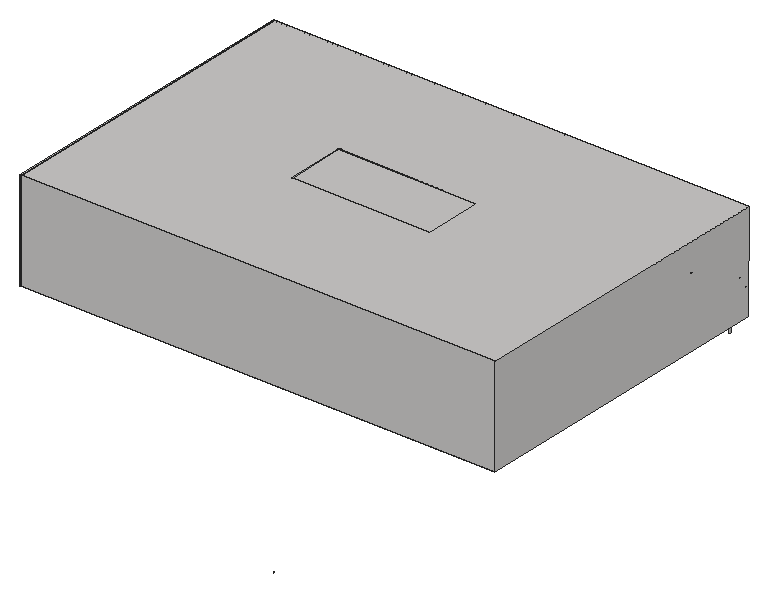
Revit family "QF_ELECTROLUXPROFESSIONAL_640281_VAP1624", category Specialty Equipment, Revit 2014
Reference planes
  plane 1: z = 0
  plane 2 "Center (Left/Right)": x = 150
  plane 3 "LEFT": x = -1050
  plane 4 "RIGHT": x = 1350
  plane 5 "BACK": y = 550
  plane 6 "TOP": z = 2500
  plane 7 "Base": z = 2000
  plane 8: z = 1970
  plane 9 "DrainY": y = 450
  plane 10: x = -1047
  plane 11 "DrainX": x = 1337
  plane 12 "AOLeft2": x = 500
  plane 13: x = 1347
  plane 14: x = -850
  plane 15: x = 1150
  plane 16: x = 50
  plane 17: x = 250
  plane 18 "Center (Front/Back)": y = -250
  plane 19 "Front": y = -1050
  plane 20 "AOLeft1": x = -200
  plane 21: through (0, 550, 2133.855) normal (0, 0.5299, 0.848)
  plane 22: through (0, -1050, 2133.855) normal (0, 0.5299, -0.848)
  plane 23: y = -100
  plane 24: y = -400
Forms (mm)
  Extrusion 1, solid, material "QF_Finishes_Stainless Steel"
    sketch origin (-1050, 0, 360) x (0, 1, 0) y (0, 0, 1)
      loop
        line (550, 1640) -> (550, 2140) -> (-1050, 2140) -> (-1050, 1640) -> (550, 1640)
    from 0 to 3
  Extrusion 2, solid, material "QF_Finishes_Stainless Steel"
    sketch origin (1350, 0, 360) x (0, 1, 0) y (0, 0, 1)
      loop
        line (550, 1640) -> (550, 2140) -> (-1050, 2140) -> (-1050, 1640) -> (550, 1640)
    from 0 to -3
  Extrusion 3, solid, material "QF_Finishes_Stainless Steel"
    sketch origin (150, 0, 360) x (0, 1, 0) y (0, 0, 1)
      loop
        line (-1050, 2140) -> (-1050, 1640) -> (-1040, 1640) -> (-1040, 1640.8) -> (-1049.2, 1640.8) -> (-1049.2, 2139.19) -> (549.2, 2139.19) -> (549.2, 1640.8) -> (540, 1640.8) -> (540, 1640) -> (550, 1640) -> (550, 2140) -> (-1050, 2140)
    from -1200 to 1200
  Extrusion 4, solid, material "QF_Finishes_Stainless Steel"
    sketch origin (0, 0, 2000) x (0, 1, 0) y (-1, 0, 0)
      loop
        circle (450, -1337) r 4.763
    from -30 to 0
  Extrusion 5, void
    sketch origin (0, 400, 2500) x (0, 1, 0) y (-1, 0, 0)
      loop
        line (-500, -500) -> (-500, 200) -> (-800, 200) -> (-800, -500) -> (-500, -500)
    from 0 to -10
  Extrusion 6, solid, material "QF_Finishes_Stainless Steel"
    sketch origin (0, 0, 0) x (1, 0, 0) y (0, 1, 0)
      loop
        line (-1050, 550) -> (-1050, 549) -> (-1049, 549) -> (-1049, 550) -> (-1050, 550)
    from 0 to 1
  Extrusion 7, solid, material "QF_Finishes_Stainless Steel"
    sketch origin (150, 0, 360) x (0, 1, 0) y (0, 0, 1)
      loop
        line (503.5, 1837.574) -> (207.375, 2022.621) -> (192.198, 1998.364) -> (488.366, 1813.348) -> (503.5, 1837.574)
      loop
        line (-1003.5, 1837.574) -> (-988.366, 1813.348) -> (-692.198, 1998.364) -> (-707.375, 2022.621) -> (-1003.5, 1837.574)
    from -1000 to -1197
  Extrusion 8, solid, material "QF_Finishes_Stainless Steel"
    sketch origin (150, 0, 360) x (0, 1, 0) y (0, 0, 1)
      loop
        line (549.2, 1775.312) -> (472.742, 1823.075) -> (472.313, 1822.387) -> (549.2, 1774.355) -> (549.2, 1775.312)
      loop
        line (202.48, 1991.938) -> (126.212, 2039.602) -> (-626.212, 2039.602) -> (-702.48, 1991.938) -> (-702.062, 1991.27) -> (-626, 2038.801) -> (126, 2038.801) -> (202.063, 1991.27) -> (202.48, 1991.938)
      loop
        line (-1049.2, 1775.312) -> (-1049.2, 1774.355) -> (-972.312, 1822.387) -> (-972.742, 1823.075) -> (-1049.2, 1775.312)
    from -1197 to 1197
  Extrusion 9, solid, material "QF_Finishes_Stainless Steel"
    sketch origin (150, 0, 360) x (0, 1, 0) y (0, 0, 1)
      loop
        line (-707.375, 2022.621) -> (-1003.5, 1837.574) -> (-988.366, 1813.348) -> (-692.198, 1998.364) -> (-707.375, 2022.621)
      loop
        line (503.5, 1837.574) -> (207.375, 2022.621) -> (192.198, 1998.364) -> (488.366, 1813.348) -> (503.5, 1837.574)
    from 1197 to 1000
  Extrusion 10, solid, material "QF_Finishes_Stainless Steel"
    sketch origin (150, 0, 360) x (0, 1, 0) y (0, 0, 1)
      loop
        line (-707.375, 2022.621) -> (-1003.5, 1837.574) -> (-988.366, 1813.348) -> (-692.198, 1998.364) -> (-707.375, 2022.621)
      loop
        line (503.5, 1837.574) -> (207.375, 2022.621) -> (192.198, 1998.364) -> (488.366, 1813.348) -> (503.5, 1837.574)
    from -100 to 100
  Extrusion 11, solid, material "QF_Finished_Chrome"
    sketch origin (150, 0, 360) x (0, 1, 0) y (0, 0, 1)
      loop
        line (503.5, 1837.574) -> (207.375, 2022.621) -> (192.198, 1998.364) -> (488.366, 1813.348) -> (503.5, 1837.574)
      loop
        line (-707.375, 2022.621) -> (-1003.5, 1837.574) -> (-988.366, 1813.348) -> (-692.198, 1998.364) -> (-707.375, 2022.621)
    from -1000 to -100
  Extrusion 12, solid, material "QF_Finished_Chrome"
    sketch origin (150, 0, 360) x (0, 1, 0) y (0, 0, 1)
      loop
        line (-707.375, 2022.621) -> (-1003.5, 1837.574) -> (-988.366, 1813.348) -> (-692.198, 1998.364) -> (-707.375, 2022.621)
      loop
        line (503.5, 1837.574) -> (207.375, 2022.621) -> (192.198, 1998.364) -> (488.366, 1813.348) -> (503.5, 1837.574)
    from 100 to 1000
  Sweep 13, solid, material "QF_Finishes_Stainless Steel"
    path origin (0, 0, 0) x (1, 0, 0) y (0, 1, 0)
      loop
        line (1350, 550) -> (-1050, 550) -> (-1050, -1050) -> (1350, -1050) -> (1350, 550)
    profile origin (1350, -250, 0) x (1, 0, 0) y (0, 0, 1)
      loop
        line (-3, 2000) -> (-3, 2000.8) -> (-19, 2000.8) -> (-19, 2010) -> (-20, 2010) -> (-20, 2000) -> (-3, 2000)
Cuts and joins
  Extrusion 5 cuts Extrusion 3
  joined: Extrusion 2, Extrusion 3, Sweep 13
Lines and regions (mm)
  symbolic lines, style "SpecialityEquipment", detail levels coarse
    curve 1: line (1350, 550, 2500) -> (-1050, 550, 2500)
    curve 2: line (-1050, 550, 2500) -> (-1050, -1050.8, 2500)
    curve 3: line (1350, -1050.8, 2500) -> (1350, 550, 2500)
    curve 4: line (-1050, 550, 0) -> (1350, -1050, 0)
    curve 5: line (1350, 550, 0) -> (-1050, -1050, 0)
  symbolic lines, detail levels coarse
    curve 6: line (-1050, -1050, 0) -> (1350, -1050, 0)
    curve 7: line (-200, -100, 0) -> (500, -100, 0)
    curve 8: line (-200, -400, 0) -> (-200, -100, 0)
    curve 9: line (500, -400, 0) -> (-200, -400, 0)
    curve 10: line (500, -100, 0) -> (500, -400, 0)
Dimensions and locks
  plane 3 "LEFT" to plane 4 "RIGHT" = 2400 mm
  equal spacing: plane 3 "LEFT", plane 2 "Center (Left/Right)", plane 4 "RIGHT"
  plane 7 "Base" to plane 8 = 30 mm
  plane 5 "BACK" to plane 9 "DrainY" = 100 mm  (x2)
  plane 3 "LEFT" to plane 10 = 3 mm
  plane 11 "DrainX" to plane 4 "RIGHT" = 13 mm
  plane 13 to plane 4 "RIGHT" = 3 mm
  plane 3 "LEFT" to plane 14 = 200 mm
  plane 15 to plane 4 "RIGHT" = 200 mm
  locked: plane 7 "Base" to level at 2000
  locked: plane 6 "TOP" to plane 7 "Base" at 500
  locked: plane 16 to plane 17 at 200
  equal spacing: plane 16, plane 2 "Center (Left/Right)", plane 17
  plane 5 "BACK" to plane 19 "Front" = 1600 mm  (x2)
  equal spacing: plane 5 "BACK", plane 18 "Center (Front/Back)", plane 19 "Front"
  locked: plane 23 to plane 24 at 300
  equal spacing: plane 23, plane 18 "Center (Front/Back)", plane 24
  locked: plane 20 "AOLeft1" to plane 12 "AOLeft2" at 700
  equal spacing: plane 20 "AOLeft1", plane 2 "Center (Left/Right)", plane 12 "AOLeft2"
  aligned and locked: level to plane 1
  aligned and locked: plane 4 "RIGHT" to Extrusion 3
  aligned and locked: Extrusion 3 to plane 3 "LEFT"
  aligned and locked: Extrusion 7 to plane 10
  aligned and locked: Extrusion 7 to plane 14
  aligned and locked: Extrusion 2 to plane 13
  aligned and locked: plane 13 to Extrusion 9
  aligned and locked: plane 15 to Extrusion 9
  aligned and locked: Extrusion 10 to plane 17
  aligned and locked: Extrusion 10 to plane 16
  aligned and locked: Extrusion 11 to plane 16
  aligned and locked: Extrusion 11 to plane 14
  aligned and locked: Extrusion 12 to plane 17
  aligned and locked: Extrusion 12 to plane 15
  aligned and locked: Extrusion 8 to plane 10
  aligned and locked: Extrusion 8 to plane 13
  aligned and locked: Extrusion 1 to plane 19 "Front"
  aligned and locked: Extrusion 5 to plane 20 "AOLeft1"
  aligned and locked: Extrusion 5 to plane 12 "AOLeft2"
  aligned and locked: plane 23 to Extrusion 5 sketch curve
  aligned and locked: Extrusion 5 sketch curve to plane 24
Automatic sketch dimensions
  curve 2 to plane 3 "LEFT" = 0 mm
  curve 3 to plane 4 "RIGHT" = 0 mm
  curve 2 to plane 5 "BACK" = 0 mm
  curve 3 to plane 19 "Front" = 0.8 mm
  curve 2 to plane 19 "Front" = 0.8 mm
  Extrusion 1 sketch curve to plane 7 "Base" = 0 mm
  Extrusion 1 sketch curve to plane 19 "Front" = 0 mm
  Extrusion 1 sketch curve to plane 5 "BACK" = 0 mm
  Extrusion 1 sketch curve to plane 6 "TOP" = 0 mm
  Extrusion 2 sketch curve to plane 7 "Base" = 0 mm
  Extrusion 2 sketch curve to plane 19 "Front" = 0 mm
  Extrusion 2 sketch curve to plane 5 "BACK" = 0 mm
  Extrusion 2 sketch curve to plane 6 "TOP" = 0 mm
  Extrusion 3 sketch curve to plane 6 "TOP" = 0 mm
  Extrusion 3 sketch curve to plane 19 "Front" = 0 mm
  Extrusion 3 sketch curve to plane 7 "Base" = 0 mm  (x2)
  Extrusion 3 sketch curve to plane 5 "BACK" = 0 mm
  plane 19 "Front" to Extrusion 3 sketch curve = 0.8 mm
  Extrusion 3 sketch curve to Extrusion 3 sketch curve = 9.2 mm
  plane 7 "Base" to Extrusion 3 sketch curve = 0.8 mm  (x2)
  Extrusion 3 sketch curve to plane 5 "BACK" = 10 mm
  Extrusion 3 sketch curve to plane 5 "BACK" = 0.8 mm
  Extrusion 3 sketch curve to plane 6 "TOP" = 0.81 mm
  Extrusion 4 sketch curve to plane 9 "DrainY" = 0 mm
  Extrusion 4 sketch curve to plane 11 "DrainX" = 0 mm
  Extrusion 5 sketch curve to plane 12 "AOLeft2" = 0 mm
  Extrusion 5 sketch curve to plane 20 "AOLeft1" = 0 mm
  Extrusion 6 sketch curve to plane 3 "LEFT" = 0 mm
  Extrusion 6 sketch curve to plane 5 "BACK" = 0 mm
  plane 3 "LEFT" to Extrusion 6 sketch curve = 1 mm
  Extrusion 6 sketch curve to Extrusion 6 sketch curve = 1 mm
  Sweep 13 sketch curve to plane 3 "LEFT" = 0 mm
  Sweep 13 sketch curve to plane 4 "RIGHT" = 0 mm
  Sweep 13 sketch curve to plane 19 "Front" = 0 mm
  Sweep 13 sketch curve to plane 5 "BACK" = 0 mm
  profile plane to Sweep 13 sketch curve = 20 mm
  Sweep 13 sketch curve to Sweep 13 sketch curve = 1 mm
  profile plane to Sweep 13 sketch curve = 3 mm
  level to Sweep 13 sketch curve = 2000 mm
  Sweep 13 sketch curve to Sweep 13 sketch curve = 0.8 mm
  Sweep 13 sketch curve to Sweep 13 sketch curve = 9.2 mm
  plane 19 "Front" to Extrusion 8 sketch curve = 0.8 mm
  Extrusion 8 sketch curve to Extrusion 8 sketch curve = 0.43 mm  (x2)
  Extrusion 8 sketch curve to Extrusion 8 sketch curve = 0.418 mm  (x2)
  Extrusion 8 sketch curve to plane 9 "DrainY" = 324 mm
  Extrusion 8 sketch curve to plane 6 "TOP" = 100.398 mm
  Extrusion 8 sketch curve to Extrusion 8 sketch curve = 0.212 mm  (x2)
  Extrusion 8 sketch curve to Extrusion 8 sketch curve = 76.063 mm
  Extrusion 8 sketch curve to plane 6 "TOP" = 148.062 mm
  plane 9 "DrainY" to Extrusion 8 sketch curve = 22.313 mm
  Extrusion 8 sketch curve to plane 5 "BACK" = 0.8 mm
  plane 7 "Base" to Extrusion 8 sketch curve = 134.355 mm  (x2)
  Extrusion 8 sketch curve to Extrusion 8 sketch curve = 0.957 mm  (x2)
  Extrusion 8 sketch curve to Extrusion 8 sketch curve = 0.669 mm
  Extrusion 8 sketch curve to Extrusion 8 sketch curve = 76.268 mm
  Extrusion 8 sketch curve to Extrusion 8 sketch curve = 0.801 mm
  Extrusion 7 sketch curve to plane 9 "DrainY" = 257.802 mm
  Extrusion 7 sketch curve to plane 6 "TOP" = 117.379 mm
  Extrusion 7 sketch curve to Extrusion 7 sketch curve = 15.177 mm  (x2)
  plane 9 "DrainY" to Extrusion 7 sketch curve = 38.366 mm
  Extrusion 7 sketch curve to Extrusion 7 sketch curve = 15.134 mm
  plane 7 "Base" to Extrusion 7 sketch curve = 173.348 mm  (x2)
  Extrusion 7 sketch curve to Extrusion 7 sketch curve = 24.226 mm  (x2)
  Extrusion 7 sketch curve to Extrusion 7 sketch curve = 24.257 mm
  Extrusion 11 sketch curve to plane 5 "BACK" = 46.5 mm
  plane 7 "Base" to Extrusion 11 sketch curve = 197.574 mm
  Extrusion 11 sketch curve to Extrusion 11 sketch curve = 15.134 mm  (x2)
  Extrusion 11 sketch curve to plane 6 "TOP" = 117.379 mm
  Extrusion 11 sketch curve to Extrusion 11 sketch curve = 24.226 mm  (x2)
  Extrusion 11 sketch curve to Extrusion 11 sketch curve = 15.177 mm  (x2)
  Extrusion 11 sketch curve to Extrusion 11 sketch curve = 24.257 mm  (x2)
  Extrusion 11 sketch curve to plane 6 "TOP" = 141.636 mm
  Extrusion 10 sketch curve to plane 6 "TOP" = 117.379 mm  (x2)
  Extrusion 10 sketch curve to Extrusion 10 sketch curve = 24.257 mm  (x2)
  Extrusion 10 sketch curve to Extrusion 10 sketch curve = 24.226 mm  (x2)
  Extrusion 10 sketch curve to Extrusion 10 sketch curve = 15.177 mm  (x2)
  plane 9 "DrainY" to Extrusion 10 sketch curve = 38.366 mm
  Extrusion 10 sketch curve to Extrusion 10 sketch curve = 15.134 mm  (x2)
  plane 7 "Base" to Extrusion 10 sketch curve = 173.348 mm
  Extrusion 12 sketch curve to plane 6 "TOP" = 117.379 mm
  Extrusion 12 sketch curve to Extrusion 12 sketch curve = 15.177 mm  (x2)
  Extrusion 12 sketch curve to Extrusion 12 sketch curve = 24.257 mm  (x2)
  Extrusion 12 sketch curve to plane 6 "TOP" = 141.636 mm
  plane 7 "Base" to Extrusion 12 sketch curve = 197.574 mm  (x2)
  Extrusion 12 sketch curve to plane 9 "DrainY" = 257.802 mm
  plane 9 "DrainY" to Extrusion 12 sketch curve = 38.366 mm
  Extrusion 12 sketch curve to Extrusion 12 sketch curve = 15.134 mm  (x2)
  Extrusion 9 sketch curve to plane 6 "TOP" = 117.379 mm  (x2)
  Extrusion 9 sketch curve to Extrusion 9 sketch curve = 24.257 mm  (x2)
  Extrusion 9 sketch curve to Extrusion 9 sketch curve = 24.226 mm  (x2)
  Extrusion 9 sketch curve to plane 5 "BACK" = 46.5 mm
  plane 7 "Base" to Extrusion 9 sketch curve = 197.574 mm
  Extrusion 9 sketch curve to Extrusion 9 sketch curve = 15.134 mm  (x2)
  Extrusion 9 sketch curve to Extrusion 9 sketch curve = 15.177 mm  (x2)
  Extrusion 7 sketch curve to plane 6 "TOP" = 141.636 mm
  plane 19 "Front" to Extrusion 7 sketch curve = 357.802 mm
  plane 19 "Front" to Extrusion 7 sketch curve = 61.634 mm
  plane 19 "Front" to Extrusion 8 sketch curve = 77.258 mm
  Extrusion 8 sketch curve to Extrusion 8 sketch curve = 270.262 mm
  plane 19 "Front" to Extrusion 9 sketch curve = 357.802 mm
  plane 19 "Front" to Extrusion 9 sketch curve = 61.634 mm
  plane 19 "Front" to Extrusion 10 sketch curve = 357.802 mm
  plane 19 "Front" to Extrusion 10 sketch curve = 61.634 mm
  plane 19 "Front" to Extrusion 11 sketch curve = 357.802 mm
  plane 19 "Front" to Extrusion 11 sketch curve = 61.634 mm
  plane 19 "Front" to Extrusion 12 sketch curve = 357.802 mm
  plane 19 "Front" to Extrusion 12 sketch curve = 61.634 mm
  curve 6 to plane 3 "LEFT" = 0 mm
  curve 4 to plane 3 "LEFT" = 0 mm
  curve 9 to plane 20 "AOLeft1" = 0 mm
  curve 10 to plane 12 "AOLeft2" = 0 mm
  curve 4 to plane 4 "RIGHT" = 0 mm
  curve 5 to plane 4 "RIGHT" = 0 mm
  curve 4 to plane 19 "Front" = 0 mm
  curve 9 to plane 24 = 0 mm
  curve 8 to plane 23 = 0 mm
  curve 4 to plane 5 "BACK" = 0 mm
  curve 5 to plane 5 "BACK" = 0 mm
  radius of Extrusion 4 sketch curve = 4.763 mm
Connectors
  piping at (1337, 450, 1970), diameter 9.5
    settings: on Extrusion 4, index 1, connector inside diameter 609.6 mm, connector length 0 mm, flow factor 0, pipe flow 0.0 L/s, pressure drop 0.0 Pa, fitting loss kfactor 0, connector angle 0.00°, fixture units 0, engagement length 0 mm, angle of deflection 0.00°, flow configuration 1, flow direction 2, fitting loss method 0, system type 16, joint type 0, gender type 0, connector reference index -1, connector utility 0, adjustable connector no, is connector primary yes, connector description "Drain"
  hvac at (150, -250, 2500)
    settings: on Extrusion 5, index 2, duct flow 0.0 L/s, flow factor 0, pres drop 0.0 Pa, loss coef 0, conn angle 0.00°, conn width 300 mm, conn height 700 mm, conn diameter 609.6 mm, duct sys type 3, conn prof type 1, flow config 1, flow direction 2, loss method 0, conn ref index -1, conn util no, is conn primary yes, conn desc "EXHAUST OUTLET"
